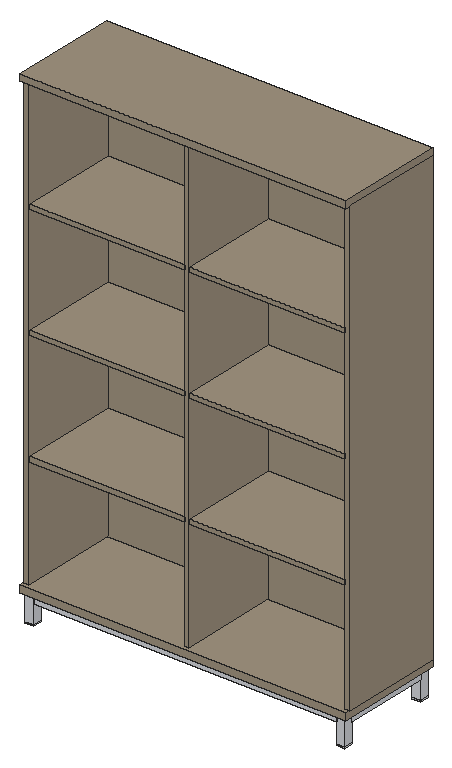
Revit family "Open Fronted Modular Storage With Wooden Door Options", category Furniture, Revit 2020 (continued)
Definition of nested family "Hinged Locking Wooden Doors - HD2 - Level 3"
  Definition of nested family "Handle Type B-1"
    Forms (mm)
      Extrusion 11, void
        sketch origin (832.923, -128.373, 994.578) x (0, 1, 0) y (-1, 0, 0)
          loop
            line (71.667, 873.923) -> (71.667, 872.291) -> (102.35, 872.291) -> (102.35, 873.923) -> (71.667, 873.923)
        from -6 to 6
      Extrusion 12, void
        sketch origin (-867.923, -128.373, 994.578) x (0, 1, 0) y (-1, 0, 0)
          loop
            line (71.667, -873.923) -> (97.075, -873.923) -> (97.075, -872.291) -> (71.667, -872.291) -> (71.667, -873.923)
        from -6 to 6
      Extrusion 13, void
        sketch origin (-862.923, -128.373, 994.578) x (0, 1, 0) y (-1, 0, 0)
          loop
            line (71.667, -873.923) -> (98.373, -873.923) -> (98.373, -872.291) -> (71.667, -872.291) -> (71.667, -873.923)
        from -6 to 6
      Extrusion 14, void
        sketch origin (-857.923, -128.373, 994.578) x (0, 1, 0) y (-1, 0, 0)
          loop
            line (71.667, -873.923) -> (98.373, -873.923) -> (98.373, -872.291) -> (71.667, -872.291) -> (71.667, -873.923)
        from -6 to 6
      Extrusion 15, void
        sketch origin (-852.923, -128.373, 994.578) x (0, 1, 0) y (-1, 0, 0)
          loop
            line (71.667, -873.923) -> (98.842, -873.923) -> (98.842, -872.291) -> (71.667, -872.291) -> (71.667, -873.923)
        from -6 to 6
      Extrusion 16, void
        sketch origin (-847.923, -128.373, 994.578) x (0, 1, 0) y (-1, 0, 0)
          loop
            line (71.667, -873.923) -> (99.385, -873.923) -> (99.385, -872.291) -> (71.667, -872.291) -> (71.667, -873.923)
        from -6 to 6
      Extrusion 17, void
        sketch origin (-842.923, -128.373, 994.578) x (0, 1, 0) y (-1, 0, 0)
          loop
            line (71.667, -873.923) -> (100.2, -873.923) -> (100.2, -872.291) -> (71.667, -872.291) -> (71.667, -873.923)
        from -6 to 6
      Extrusion 18, void
        sketch origin (-837.923, -128.373, 994.578) x (0, 1, 0) y (-1, 0, 0)
          loop
            line (71.667, -873.923) -> (100.984, -873.923) -> (100.984, -872.291) -> (71.667, -872.291) -> (71.667, -873.923)
        from -6 to 6
      Extrusion 19, void
        sketch origin (-832.923, -128.373, 994.578) x (0, 1, 0) y (-1, 0, 0)
          loop
            line (71.667, -873.923) -> (102.35, -873.923) -> (102.35, -872.291) -> (71.667, -872.291) -> (71.667, -873.923)
        from -6 to 6
    Cuts and joins
      Extrusion 1, Extrusion 4, Extrusion 5, Extrusion 6, Extrusion 7, Extrusion 8, Extrusion 9, Extrusion 10, Extrusion 11, Extrusion 12, Extrusion 13, Extrusion 14, Extrusion 15, Extrusion 16, Extrusion 17, Extrusion 18, Extrusion 19 cuts Sweep 3
    Lines and regions (mm)
      model lines, not visible, detail levels coarse+medium
        curve 1: line (75, 0, 999.578) -> (75, 0, 989.578)
      model lines, not visible
        curve 2: line (-75, 0, 999.578) -> (-75, 0, 989.578)
        curve 4: line (0, 0, 994.578) -> (0, -30, 994.578)
        curve 6: line (0, 0, 999.578) -> (0, 0, 989.578)
      model lines
        curve 3: line (-75, 0, 994.578) -> (75, 0, 994.578)
      sketch lines
        curve 5: arc (-85, -5, 994.578) -> (0, -30, 994.578) -> (85, -5, 994.578) r 157
    Dimensions and locks
      equal spacing: plane 4, plane 3 "Center (Left/Right)", plane 5
      locked: plane 4 to plane 5 at 950
      equal spacing: plane 6, plane 1 "Center (Front/Back)", plane 7
      locked: plane 6 to plane 7 at 520
      aligned and locked: level to plane 2
    Automatic sketch dimensions
      curve 4 to curve 4 = 30 mm
      curve 6 to plane 3 "Center (Left/Right)" = 0 mm
      plane 3 "Center (Left/Right)" to curve 1 = 75 mm
      level to curve 1 = 989.578 mm
      curve 3 to plane 3 "Center (Left/Right)" = 75 mm
      curve 2 to curve 1 = 0 mm
      curve 6 to curve 1 = 0 mm
      curve 2 to curve 3 = 5 mm
      curve 6 to curve 6 = 10 mm
      curve 3 to curve 2 = 5 mm
      curve 3 to curve 1 = 5 mm
      plane 3 "Center (Left/Right)" to Extrusion 1 sketch curve = 0.632 mm
      plane 1 "Center (Front/Back)" to Extrusion 1 sketch curve = 56.707 mm
      Extrusion 1 sketch curve to Extrusion 1 sketch curve = 25.409 mm
      Extrusion 1 sketch curve to plane 3 "Center (Left/Right)" = 1 mm
      plane 3 "Center (Left/Right)" to Extrusion 2 sketch curve = 75 mm
      level to Extrusion 2 sketch curve = 994.578 mm
      Extrusion 2 sketch curve to plane 3 "Center (Left/Right)" = 75 mm
      Extrusion 2 sketch curve to Extrusion 2 sketch curve = 0 mm
      Sweep 3 sketch curve to profile plane = 0 mm  (x2)
      Sweep 3 sketch curve to Sweep 3 sketch curve = 7.5 mm
      Extrusion 4 sketch curve to plane 3 "Center (Left/Right)" = 4.368 mm
      plane 1 "Center (Front/Back)" to Extrusion 4 sketch curve = 56.707 mm
      Extrusion 4 sketch curve to Extrusion 4 sketch curve = 25.409 mm
      Extrusion 4 sketch curve to Extrusion 4 sketch curve = 1.632 mm
      Extrusion 5 sketch curve to plane 3 "Center (Left/Right)" = 9.368 mm
      plane 1 "Center (Front/Back)" to Extrusion 5 sketch curve = 56.707 mm
      Extrusion 5 sketch curve to Extrusion 5 sketch curve = 26.707 mm
      Extrusion 5 sketch curve to Extrusion 5 sketch curve = 1.632 mm
      Extrusion 6 sketch curve to plane 3 "Center (Left/Right)" = 14.368 mm
      plane 1 "Center (Front/Back)" to Extrusion 6 sketch curve = 56.707 mm
      Extrusion 6 sketch curve to Extrusion 6 sketch curve = 26.707 mm
      Extrusion 6 sketch curve to Extrusion 6 sketch curve = 1.632 mm
      Extrusion 7 sketch curve to plane 3 "Center (Left/Right)" = 19.368 mm
      plane 1 "Center (Front/Back)" to Extrusion 7 sketch curve = 56.707 mm
      Extrusion 7 sketch curve to Extrusion 7 sketch curve = 27.176 mm
      Extrusion 7 sketch curve to Extrusion 7 sketch curve = 1.632 mm
      Extrusion 8 sketch curve to plane 3 "Center (Left/Right)" = 24.368 mm
      plane 1 "Center (Front/Back)" to Extrusion 8 sketch curve = 56.707 mm
      Extrusion 8 sketch curve to Extrusion 8 sketch curve = 27.719 mm
      Extrusion 8 sketch curve to Extrusion 8 sketch curve = 1.632 mm
      plane 1 "Center (Front/Back)" to Extrusion 9 sketch curve = 56.707 mm
      plane 1 "Center (Front/Back)" to Extrusion 9 sketch curve = 28.173 mm
      Extrusion 9 sketch curve to plane 3 "Center (Left/Right)" = 29.368 mm
      Extrusion 9 sketch curve to Extrusion 9 sketch curve = 1.632 mm
      plane 1 "Center (Front/Back)" to Extrusion 10 sketch curve = 56.707 mm
      plane 1 "Center (Front/Back)" to Extrusion 10 sketch curve = 27.389 mm
      Extrusion 10 sketch curve to plane 3 "Center (Left/Right)" = 34.368 mm
      Extrusion 10 sketch curve to Extrusion 10 sketch curve = 1.632 mm
      plane 1 "Center (Front/Back)" to Extrusion 11 sketch curve = 56.707 mm
      plane 1 "Center (Front/Back)" to Extrusion 11 sketch curve = 26.024 mm
      Extrusion 11 sketch curve to plane 3 "Center (Left/Right)" = 39.368 mm
      Extrusion 11 sketch curve to Extrusion 11 sketch curve = 1.632 mm
      plane 3 "Center (Left/Right)" to Extrusion 12 sketch curve = 4.368 mm
      plane 1 "Center (Front/Back)" to Extrusion 12 sketch curve = 56.707 mm
      Extrusion 12 sketch curve to Extrusion 12 sketch curve = 25.409 mm
      Extrusion 12 sketch curve to Extrusion 12 sketch curve = 1.632 mm
      plane 3 "Center (Left/Right)" to Extrusion 13 sketch curve = 9.368 mm
      plane 1 "Center (Front/Back)" to Extrusion 13 sketch curve = 56.707 mm
      Extrusion 13 sketch curve to Extrusion 13 sketch curve = 26.707 mm
      Extrusion 13 sketch curve to Extrusion 13 sketch curve = 1.632 mm
      plane 3 "Center (Left/Right)" to Extrusion 14 sketch curve = 14.368 mm
      plane 1 "Center (Front/Back)" to Extrusion 14 sketch curve = 56.707 mm
      Extrusion 14 sketch curve to Extrusion 14 sketch curve = 26.707 mm
      Extrusion 14 sketch curve to Extrusion 14 sketch curve = 1.632 mm
      plane 3 "Center (Left/Right)" to Extrusion 15 sketch curve = 19.368 mm
      plane 1 "Center (Front/Back)" to Extrusion 15 sketch curve = 56.707 mm
      Extrusion 15 sketch curve to Extrusion 15 sketch curve = 27.176 mm
      Extrusion 15 sketch curve to Extrusion 15 sketch curve = 1.632 mm
      plane 3 "Center (Left/Right)" to Extrusion 16 sketch curve = 24.368 mm
      plane 1 "Center (Front/Back)" to Extrusion 16 sketch curve = 56.707 mm
      Extrusion 16 sketch curve to Extrusion 16 sketch curve = 27.719 mm
      Extrusion 16 sketch curve to Extrusion 16 sketch curve = 1.632 mm
      plane 1 "Center (Front/Back)" to Extrusion 17 sketch curve = 56.707 mm
      plane 1 "Center (Front/Back)" to Extrusion 17 sketch curve = 28.173 mm
      plane 3 "Center (Left/Right)" to Extrusion 17 sketch curve = 31 mm
      Extrusion 17 sketch curve to Extrusion 17 sketch curve = 1.632 mm
      plane 1 "Center (Front/Back)" to Extrusion 18 sketch curve = 56.707 mm
      plane 1 "Center (Front/Back)" to Extrusion 18 sketch curve = 27.389 mm
      plane 3 "Center (Left/Right)" to Extrusion 18 sketch curve = 36 mm
      Extrusion 18 sketch curve to Extrusion 18 sketch curve = 1.632 mm
      plane 1 "Center (Front/Back)" to Extrusion 19 sketch curve = 56.707 mm
      plane 1 "Center (Front/Back)" to Extrusion 19 sketch curve = 26.024 mm
      plane 3 "Center (Left/Right)" to Extrusion 19 sketch curve = 41 mm
      Extrusion 19 sketch curve to Extrusion 19 sketch curve = 1.632 mm
      curve 4 to plane 1 "Center (Front/Back)" = 0 mm
      level to curve 4 = 994.578 mm
      radius of Extrusion 2 sketch curve = 4 mm  (x2)
  Definition of nested family "Handle Type D-1"
    Parameters (values of type "Handle Type D-1")
      URL = "www.gof.co.uk"
      Type Comments = ""
      Range = "STORAGE"
      Handle Type D = none
      Product Code = "Handle Type D"
      Model = ""
      Manufacturer = "Gresham Office Furniture"  # constant formula
      Default Elevation = 0 mm
      Assembly Code = "E2020200"
    Reference planes
      plane 1 "Center (Front/Back)": y = 0
      plane 2: z = 0
      plane 3 "Center (Left/Right)": x = 0
      plane 4: x = -475
      plane 5: x = 475
      plane 6: y = 260
      plane 7: y = -260
    Forms (mm)
      Extrusion 1, solid
        sketch origin (994.578, 0, 994.578) x (0, 0, 1) y (0, 1, 0)
          loop
            line (5, 0) -> (-5, 0) -> (-5, -6.91)
            arc (-5, -6.91) -> (-7.006, -15.176) -> (0, -20) r 7.5
            arc (0, -20) -> (7.006, -15.176) -> (5, -6.91) r 7.5
            line (5, -6.91) -> (5, 0)
        from 919.578 to 1069.578
    Lines and regions (mm)
      model lines, not visible, detail levels coarse+medium
        curve 1: line (75, 0, 999.578) -> (75, 0, 989.578)
        curve 2: line (-75, 0, 999.578) -> (-75, 0, 989.578)
      model lines, detail levels coarse+medium
        curve 3: line (-75, 0, 994.578) -> (75, 0, 994.578)
      model lines, not visible
        curve 4: line (0, 0, 999.578) -> (0, 0, 989.578)
    Dimensions and locks
      aligned and locked: level to plane 2
Definition of nested family "Hinged Locking Wooden Doors - HD2 - Level 1"
  Parameters (values of type "Hinged Locking Wooden Doors - HD2 - Level 1")
    Width = 1200 mm
    URL = "www.gof.co.uk"
    Range = "STORAGE"
    Product Data Specification = ""
    Product Code = "HD2"
    Product Brochure = ""
    Model = "BOOKCASE"
    Manufacturer = "Gresham Office Furniture"  # constant formula
    Height = 1816 mm
    Handle Type D [instance] = no
    Handle Type C [instance] = yes
    Handle Type B [instance] = no
    HD2 - Lock = yes
    Doors = none
    Depth = 400 mm
    Default Elevation = 0 mm
  Reference planes
    plane 1 "Center (Front/Back)": y = 0
    plane 2: z = 0
    plane 3 "Center (Left/Right)": x = 0
    plane 4: x = -600
    plane 5: x = 600
    plane 6: y = 200
    plane 7 "Front": y = -200
    plane 8 "Storage Top": z = 1816
    plane 9: z = 1803.5
    plane 10 "Door Front": y = -182
    plane 11: z = 112.5
    plane 12: z = 1791
    plane 13: z = 1400
    plane 14: z = 984
    plane 15: z = 959
    plane 16: z = 1375
    plane 17: z = 125
    plane 18: z = 100
  Forms (mm)
    Extrusion 1, solid, material <- "Doors", visible <- "HD2 - Lock"
      sketch origin (-839.743, -182, 1119.4) x (1, 0, 0) y (0, 0, 1)
        loop
          line (840.743, -990.4) -> (1439.743, -990.4) -> (1439.743, -163.4) -> (840.743, -163.4) -> (840.743, -990.4)
      from 0 to 18
    Extrusion 2, solid, visible <- "HD2 - Lock"
      sketch origin (0, 0, 415.5) x (-1, 0, 0) y (0, 0, -1)
        loop
          circle (-43, -457) r 10
      from 200 to 202
    Extrusion 3, solid, material <- "Doors", visible <- "HD2 - Lock"
      sketch origin (839.743, -182, 1119.4) x (-1, 0, 0) y (0, 0, -1)
        loop
          line (840.743, 163.4) -> (1439.743, 163.4) -> (1439.743, 990.4) -> (840.743, 990.4) -> (840.743, 163.4)
      from 0 to 18
    Extrusion 4, solid, visible <- "HD2 - Lock"
      sketch origin (0, 0, 415.5) x (1, 0, 0) y (0, 0, 1)
        loop
          circle (-43, 457) r 10
      from 200 to 202
  Dimensions and locks
    equal spacing: plane 4, plane 3 "Center (Left/Right)", plane 5
    "Width": plane 4 to plane 5
    equal spacing: plane 6, plane 1 "Center (Front/Back)", plane 7 "Front"
    "Depth": plane 6 to plane 7 "Front"
    "Height": plane 8 "Storage Top" to plane 2
    locked: plane 8 "Storage Top" to plane 9 at 12.5
    locked: plane 10 "Door Front" to plane 7 "Front" at 18
    locked: plane 11 to level at 112.5
    locked: plane 8 "Storage Top" to plane 12 at 25
    plane 12 to plane 11 = 1678.5 mm  (x2)
    locked: plane 13 to level at 1400
    locked: plane 14 to level at 984
    locked: plane 14 to plane 15 at 25
    locked: plane 13 to plane 16 at 25
    locked: plane 17 to plane 18 at 25
    Extrusion 1 to Extrusion 1 = 827 mm
    locked: Extrusion 1 to Extrusion 1 at 18
    locked: Extrusion 1 to nested 2 at 99
    locked: Extrusion 1 to nested 2 at 83.5
    locked: Extrusion 1 to nested 1 at 99
    locked: Extrusion 1 to nested 1 at 83.5
    locked: Extrusion 1 to nested 3 at 83.5
    locked: Extrusion 1 to nested 3 at 99
    locked: Extrusion 3 to Extrusion 3 at 18
    locked: Extrusion 3 to nested 6 at 99
    locked: Extrusion 3 to nested 6 at 83.5
    locked: Extrusion 3 to nested 4 at 99
    locked: Extrusion 3 to nested 4 at 83.5
    locked: Extrusion 3 to nested 5 at 83.5
    locked: Extrusion 3 to nested 5 at 99
    locked: Extrusion 1 sketch curve to plane 17 at 4
    aligned and locked: level to plane 2
    aligned and locked: Extrusion 2 sketch curve to nested 1
    aligned and locked: nested 6 to Extrusion 4 sketch curve
    aligned and locked: Extrusion 3 sketch curve to Extrusion 1
  Automatic sketch dimensions
    plane 5 to Extrusion 1 sketch curve = 0 mm
    plane 3 "Center (Left/Right)" to Extrusion 1 sketch curve = 1 mm
    Extrusion 1 sketch curve to plane 15 = 3 mm
    Extrusion 2 sketch curve to plane 3 "Center (Left/Right)" = 43 mm
    Extrusion 4 sketch curve to plane 3 "Center (Left/Right)" = 43 mm
    Extrusion 3 sketch curve to plane 4 = 0 mm
    Extrusion 3 sketch curve to plane 15 = 3 mm
    Extrusion 3 sketch curve to plane 3 "Center (Left/Right)" = 1 mm
    radius of Extrusion 2 sketch curve = 10 mm
    radius of Extrusion 4 sketch curve = 10 mm
  Nested families
    nested 1: "Handle Type C-1" at (175, -200, -108.638) x (-1, 0, 0) z (0, 0, 1), visible <- "Handle Type C", type "Handle Type C-1"
    nested 2: "Handle Type B-1" at (175, -200, -122.078) x (-1, 0, 0) z (0, 0, 1), visible <- "Handle Type B", type "Handle Type B-1"
    nested 3: "Handle Type D-1" at (175, -200, -122.078) x (-1, 0, 0) z (0, 0, 1), visible <- "Handle Type D", type "Handle Type D-1"
    nested 4: "Handle Type C-1" at (-175, -200, -108.638), visible <- "Handle Type C", type "Handle Type C-1"
    nested 5: "Handle Type B-1" at (-175, -200, -122.078), visible <- "Handle Type B", type "Handle Type B-1"
    nested 6: "Handle Type D-1" at (-175, -200, -122.078), visible <- "Handle Type D", type "Handle Type D-1"
  Definition of nested family "Handle Type C-1"
    Parameters (values of type "Handle Type C-1")
      URL = "www.gof.co.uk"
      Type Comments = ""
      Range = "STORAGE"
      Handle Type C = none
      Product Code = "Handle Type C"
      Model = ""
      Manufacturer = "Gresham Office Furniture"  # constant formula
      Default Elevation = 0 mm
      Assembly Code = "E2020200"
    Reference planes
      plane 1 "Center (Front/Back)": y = 0
      plane 2: z = 0
      plane 3 "Center (Left/Right)": x = 0
      plane 4: x = -475
      plane 5: x = 475
      plane 6 "Storage Top": z = 2007
      plane 7: y = 260
      plane 8: y = -260
    Forms (mm)
      Extrusion 1, void
        sketch origin (981.138, 0, 981.138) x (0, 1, 0) y (-1, 0, 0)
          loop
            line (0, 1072) -> (0, 884.5) -> (27.401, 884.5) -> (27.401, 1072) -> (0, 1072)
        from -12.204 to 11.22
      Sweep 2, solid, material <- "Handle Type C"
        path in 3D
          loop
            arc (-78.75, 3.75, 981.138) -> (0, -30, 981.138) -> (78.75, 3.75, 981.138) r 108.75
        profile origin (0, -30, 981.138) x (0, 1, 0) y (0, 0, 1)
          loop
            circle (0, 0) r 5
    Cuts and joins
      Extrusion 1 cuts Sweep 2
    Lines and regions (mm)
      model lines, detail levels coarse+medium
        curve 1: line (68, 0, 981.138) -> (-68, 0, 981.138)
      model lines, not visible, detail levels coarse+medium
        curve 2: line (0, 0, 986.138) -> (0, 0, 976.138)
      model lines, not visible
        curve 3: line (0, 0, 981.138) -> (0, -30, 981.138)
        curve 5: line (-75, 0, 976.138) -> (-75, 0, 986.138)
        curve 6: line (75, 0, 986.138) -> (75, 0, 976.138)
      sketch lines
        curve 4: arc (-78.75, 3.75, 981.138) -> (0, -30, 981.138) -> (78.75, 3.75, 981.138) r 108.75
    Dimensions and locks
      equal spacing: plane 4, plane 3 "Center (Left/Right)", plane 5
      locked: plane 4 to plane 5 at 950
      equal spacing: plane 7, plane 1 "Center (Front/Back)", plane 8
      locked: plane 7 to plane 8 at 520
      aligned and locked: level to plane 2
    Automatic sketch dimensions
      curve 3 to plane 1 "Center (Front/Back)" = 0 mm
      plane 1 "Center (Front/Back)" to curve 3 = 30 mm
      curve 2 to plane 3 "Center (Left/Right)" = 0 mm
      level to curve 2 = 976.138 mm
      curve 1 to plane 3 "Center (Left/Right)" = 68 mm
      curve 5 to curve 1 = 7 mm
      plane 3 "Center (Left/Right)" to curve 1 = 68 mm
      curve 1 to curve 6 = 7 mm
      curve 6 to curve 2 = 0 mm
      curve 5 to curve 2 = 0 mm
      curve 5 to curve 1 = 5 mm
      curve 1 to curve 6 = 5 mm
      curve 1 to curve 5 = 5 mm
      curve 2 to curve 2 = 10 mm
      plane 1 "Center (Front/Back)" to Extrusion 1 sketch curve = 0 mm
      Extrusion 1 sketch curve to plane 1 "Center (Front/Back)" = 27.401 mm
      plane 3 "Center (Left/Right)" to Extrusion 1 sketch curve = 96.638 mm
      Extrusion 1 sketch curve to plane 3 "Center (Left/Right)" = 90.862 mm
      Sweep 2 sketch curve to profile plane = 0 mm  (x2)
      level to curve 3 = 981.138 mm
      radius of Sweep 2 sketch curve = 5 mm
  Definition of nested family "Handle Type B-1"
    Parameters (values of type "Handle Type B-1")
      URL = "www.gof.co.uk"
      Type Comments = ""
      Range = "STORAGE"
      Handle Type B = none
      Product Code = "Handle Type B"
      Model = ""
      Manufacturer = "Gresham Office Furniture"  # constant formula
      Default Elevation = 0 mm
      Assembly Code = "E2020200"
    Reference planes
      plane 1 "Center (Front/Back)": y = 0
      plane 2: z = 0
      plane 3 "Center (Left/Right)": x = 0
      plane 4: x = -475
      plane 5: x = 475
      plane 6: y = 260
      plane 7: y = -260
    Forms (mm)
      Extrusion 1, void
        sketch origin (872.923, -128.373, 994.578) x (0, 1, 0) y (-1, 0, 0)
          loop
            line (71.667, 873.923) -> (71.667, 872.291) -> (97.075, 872.291) -> (97.075, 873.923) -> (71.667, 873.923)
        from -6 to 6
      Extrusion 2, solid
        sketch origin (988.138, 0, 994.578) x (0, 0, 1) y (-1, 0, 0)
          loop
            circle (0, 1063.138) r 4
          loop
            circle (0, 913.138) r 4
        from 0 to 10.354
      Sweep 3, solid
        path in 3D
          loop
            arc (-85, -5, 994.578) -> (0, -30, 994.578) -> (85, -5, 994.578) r 157
        profile origin (0, -30, 994.578) x (0, 1, 0) y (0, 0, 1)
          loop
            spline (0, 7.5) -> (-0.776, 7.244) -> (-1.5, 6.495) -> (-2.121, 5.303) -> (-2.598, 3.75) -> (-2.898, 1.941) -> (-3, 0) -> (-2.898, -1.941) -> (-2.598, -3.75) -> (-2.121, -5.303) -> (-1.5, -6.495) -> (-0.776, -7.244) -> (0, -7.5)
            spline (0, -7.5) -> (0.776, -7.244) -> (1.5, -6.495) -> (2.121, -5.303) -> (2.598, -3.75) -> (2.898, -1.941) -> (3, 0) -> (2.898, 1.941) -> (2.598, 3.75) -> (2.121, 5.303) -> (1.5, 6.495) -> (0.776, 7.244) -> (0, 7.5)
      Extrusion 4, void
        sketch origin (867.923, -128.373, 994.578) x (0, 1, 0) y (-1, 0, 0)
          loop
            line (71.667, 873.923) -> (71.667, 872.291) -> (97.075, 872.291) -> (97.075, 873.923) -> (71.667, 873.923)
        from -6 to 6
      Extrusion 5, void
        sketch origin (862.923, -128.373, 994.578) x (0, 1, 0) y (-1, 0, 0)
          loop
            line (71.667, 873.923) -> (71.667, 872.291) -> (98.373, 872.291) -> (98.373, 873.923) -> (71.667, 873.923)
        from -6 to 6
      Extrusion 6, void
        sketch origin (857.923, -128.373, 994.578) x (0, 1, 0) y (-1, 0, 0)
          loop
            line (71.667, 873.923) -> (71.667, 872.291) -> (98.373, 872.291) -> (98.373, 873.923) -> (71.667, 873.923)
        from -6 to 6
      Extrusion 7, void
        sketch origin (852.923, -128.373, 994.578) x (0, 1, 0) y (-1, 0, 0)
          loop
            line (71.667, 873.923) -> (71.667, 872.291) -> (98.842, 872.291) -> (98.842, 873.923) -> (71.667, 873.923)
        from -6 to 6
      Extrusion 8, void
        sketch origin (847.923, -128.373, 994.578) x (0, 1, 0) y (-1, 0, 0)
          loop
            line (71.667, 873.923) -> (71.667, 872.291) -> (99.385, 872.291) -> (99.385, 873.923) -> (71.667, 873.923)
        from -6 to 6
      Extrusion 9, void
        sketch origin (842.923, -128.373, 994.578) x (0, 1, 0) y (-1, 0, 0)
          loop
            line (71.667, 873.923) -> (71.667, 872.291) -> (100.2, 872.291) -> (100.2, 873.923) -> (71.667, 873.923)
        from -6 to 6
      Extrusion 10, void
        sketch origin (837.923, -128.373, 994.578) x (0, 1, 0) y (-1, 0, 0)
          loop
            line (71.667, 873.923) -> (71.667, 872.291) -> (100.984, 872.291) -> (100.984, 873.923) -> (71.667, 873.923)
        from -6 to 6
      Extrusion 11, void
        sketch origin (832.923, -128.373, 994.578) x (0, 1, 0) y (-1, 0, 0)
          loop
            line (71.667, 873.923) -> (71.667, 872.291) -> (102.35, 872.291) -> (102.35, 873.923) -> (71.667, 873.923)
        from -6 to 6
      Extrusion 12, void
        sketch origin (-867.923, -128.373, 994.578) x (0, 1, 0) y (-1, 0, 0)
          loop
            line (71.667, -873.923) -> (97.075, -873.923) -> (97.075, -872.291) -> (71.667, -872.291) -> (71.667, -873.923)
        from -6 to 6
      Extrusion 13, void
        sketch origin (-862.923, -128.373, 994.578) x (0, 1, 0) y (-1, 0, 0)
          loop
            line (71.667, -873.923) -> (98.373, -873.923) -> (98.373, -872.291) -> (71.667, -872.291) -> (71.667, -873.923)
        from -6 to 6
      Extrusion 14, void
        sketch origin (-857.923, -128.373, 994.578) x (0, 1, 0) y (-1, 0, 0)
          loop
            line (71.667, -873.923) -> (98.373, -873.923) -> (98.373, -872.291) -> (71.667, -872.291) -> (71.667, -873.923)
        from -6 to 6
      Extrusion 15, void
        sketch origin (-852.923, -128.373, 994.578) x (0, 1, 0) y (-1, 0, 0)
          loop
            line (71.667, -873.923) -> (98.842, -873.923) -> (98.842, -872.291) -> (71.667, -872.291) -> (71.667, -873.923)
        from -6 to 6
      Extrusion 16, void
        sketch origin (-847.923, -128.373, 994.578) x (0, 1, 0) y (-1, 0, 0)
          loop
            line (71.667, -873.923) -> (99.385, -873.923) -> (99.385, -872.291) -> (71.667, -872.291) -> (71.667, -873.923)
        from -6 to 6
      Extrusion 17, void
        sketch origin (-842.923, -128.373, 994.578) x (0, 1, 0) y (-1, 0, 0)
          loop
            line (71.667, -873.923) -> (100.2, -873.923) -> (100.2, -872.291) -> (71.667, -872.291) -> (71.667, -873.923)
        from -6 to 6
      Extrusion 18, void
        sketch origin (-837.923, -128.373, 994.578) x (0, 1, 0) y (-1, 0, 0)
          loop
            line (71.667, -873.923) -> (100.984, -873.923) -> (100.984, -872.291) -> (71.667, -872.291) -> (71.667, -873.923)
        from -6 to 6
      Extrusion 19, void
        sketch origin (-832.923, -128.373, 994.578) x (0, 1, 0) y (-1, 0, 0)
          loop
            line (71.667, -873.923) -> (102.35, -873.923) -> (102.35, -872.291) -> (71.667, -872.291) -> (71.667, -873.923)
        from -6 to 6
    Cuts and joins
      Extrusion 1, Extrusion 4, Extrusion 5, Extrusion 6, Extrusion 7, Extrusion 8, Extrusion 9, Extrusion 10, Extrusion 11, Extrusion 12, Extrusion 13, Extrusion 14, Extrusion 15, Extrusion 16, Extrusion 17, Extrusion 18, Extrusion 19 cuts Sweep 3
    Lines and regions (mm)
      model lines, not visible, detail levels coarse+medium
        curve 1: line (75, 0, 999.578) -> (75, 0, 989.578)
      model lines, not visible
        curve 2: line (-75, 0, 999.578) -> (-75, 0, 989.578)
        curve 4: line (0, 0, 994.578) -> (0, -30, 994.578)
        curve 6: line (0, 0, 999.578) -> (0, 0, 989.578)
      model lines
        curve 3: line (-75, 0, 994.578) -> (75, 0, 994.578)
      sketch lines
        curve 5: arc (-85, -5, 994.578) -> (0, -30, 994.578) -> (85, -5, 994.578) r 157
    Dimensions and locks
      equal spacing: plane 4, plane 3 "Center (Left/Right)", plane 5
      locked: plane 4 to plane 5 at 950
      equal spacing: plane 6, plane 1 "Center (Front/Back)", plane 7
      locked: plane 6 to plane 7 at 520
      aligned and locked: level to plane 2
    Automatic sketch dimensions
      curve 4 to curve 4 = 30 mm
      curve 6 to plane 3 "Center (Left/Right)" = 0 mm
      plane 3 "Center (Left/Right)" to curve 1 = 75 mm
      level to curve 1 = 989.578 mm
      curve 3 to plane 3 "Center (Left/Right)" = 75 mm
      curve 2 to curve 1 = 0 mm
      curve 6 to curve 1 = 0 mm
      curve 2 to curve 3 = 5 mm
      curve 6 to curve 6 = 10 mm
      curve 3 to curve 2 = 5 mm
      curve 3 to curve 1 = 5 mm
      plane 3 "Center (Left/Right)" to Extrusion 1 sketch curve = 0.632 mm
      plane 1 "Center (Front/Back)" to Extrusion 1 sketch curve = 56.707 mm
      Extrusion 1 sketch curve to Extrusion 1 sketch curve = 25.409 mm
      Extrusion 1 sketch curve to plane 3 "Center (Left/Right)" = 1 mm
      plane 3 "Center (Left/Right)" to Extrusion 2 sketch curve = 75 mm
      level to Extrusion 2 sketch curve = 994.578 mm
      Extrusion 2 sketch curve to plane 3 "Center (Left/Right)" = 75 mm
      Extrusion 2 sketch curve to Extrusion 2 sketch curve = 0 mm
      Sweep 3 sketch curve to profile plane = 0 mm  (x2)
      Sweep 3 sketch curve to Sweep 3 sketch curve = 7.5 mm
      Extrusion 4 sketch curve to plane 3 "Center (Left/Right)" = 4.368 mm
      plane 1 "Center (Front/Back)" to Extrusion 4 sketch curve = 56.707 mm
      Extrusion 4 sketch curve to Extrusion 4 sketch curve = 25.409 mm
      Extrusion 4 sketch curve to Extrusion 4 sketch curve = 1.632 mm
      Extrusion 5 sketch curve to plane 3 "Center (Left/Right)" = 9.368 mm
      plane 1 "Center (Front/Back)" to Extrusion 5 sketch curve = 56.707 mm
      Extrusion 5 sketch curve to Extrusion 5 sketch curve = 26.707 mm
      Extrusion 5 sketch curve to Extrusion 5 sketch curve = 1.632 mm
      Extrusion 6 sketch curve to plane 3 "Center (Left/Right)" = 14.368 mm
      plane 1 "Center (Front/Back)" to Extrusion 6 sketch curve = 56.707 mm
      Extrusion 6 sketch curve to Extrusion 6 sketch curve = 26.707 mm
      Extrusion 6 sketch curve to Extrusion 6 sketch curve = 1.632 mm
      Extrusion 7 sketch curve to plane 3 "Center (Left/Right)" = 19.368 mm
      plane 1 "Center (Front/Back)" to Extrusion 7 sketch curve = 56.707 mm
      Extrusion 7 sketch curve to Extrusion 7 sketch curve = 27.176 mm
      Extrusion 7 sketch curve to Extrusion 7 sketch curve = 1.632 mm
      Extrusion 8 sketch curve to plane 3 "Center (Left/Right)" = 24.368 mm
      plane 1 "Center (Front/Back)" to Extrusion 8 sketch curve = 56.707 mm
      Extrusion 8 sketch curve to Extrusion 8 sketch curve = 27.719 mm
      Extrusion 8 sketch curve to Extrusion 8 sketch curve = 1.632 mm
      plane 1 "Center (Front/Back)" to Extrusion 9 sketch curve = 56.707 mm
      plane 1 "Center (Front/Back)" to Extrusion 9 sketch curve = 28.173 mm
      Extrusion 9 sketch curve to plane 3 "Center (Left/Right)" = 29.368 mm
      Extrusion 9 sketch curve to Extrusion 9 sketch curve = 1.632 mm
      plane 1 "Center (Front/Back)" to Extrusion 10 sketch curve = 56.707 mm
      plane 1 "Center (Front/Back)" to Extrusion 10 sketch curve = 27.389 mm
      Extrusion 10 sketch curve to plane 3 "Center (Left/Right)" = 34.368 mm
      Extrusion 10 sketch curve to Extrusion 10 sketch curve = 1.632 mm
      plane 1 "Center (Front/Back)" to Extrusion 11 sketch curve = 56.707 mm
      plane 1 "Center (Front/Back)" to Extrusion 11 sketch curve = 26.024 mm
      Extrusion 11 sketch curve to plane 3 "Center (Left/Right)" = 39.368 mm
      Extrusion 11 sketch curve to Extrusion 11 sketch curve = 1.632 mm
      plane 3 "Center (Left/Right)" to Extrusion 12 sketch curve = 4.368 mm
      plane 1 "Center (Front/Back)" to Extrusion 12 sketch curve = 56.707 mm
      Extrusion 12 sketch curve to Extrusion 12 sketch curve = 25.409 mm
      Extrusion 12 sketch curve to Extrusion 12 sketch curve = 1.632 mm
      plane 3 "Center (Left/Right)" to Extrusion 13 sketch curve = 9.368 mm
      plane 1 "Center (Front/Back)" to Extrusion 13 sketch curve = 56.707 mm
      Extrusion 13 sketch curve to Extrusion 13 sketch curve = 26.707 mm
      Extrusion 13 sketch curve to Extrusion 13 sketch curve = 1.632 mm
      plane 3 "Center (Left/Right)" to Extrusion 14 sketch curve = 14.368 mm
      plane 1 "Center (Front/Back)" to Extrusion 14 sketch curve = 56.707 mm
      Extrusion 14 sketch curve to Extrusion 14 sketch curve = 26.707 mm
      Extrusion 14 sketch curve to Extrusion 14 sketch curve = 1.632 mm
      plane 3 "Center (Left/Right)" to Extrusion 15 sketch curve = 19.368 mm
      plane 1 "Center (Front/Back)" to Extrusion 15 sketch curve = 56.707 mm
      Extrusion 15 sketch curve to Extrusion 15 sketch curve = 27.176 mm
      Extrusion 15 sketch curve to Extrusion 15 sketch curve = 1.632 mm
      plane 3 "Center (Left/Right)" to Extrusion 16 sketch curve = 24.368 mm
      plane 1 "Center (Front/Back)" to Extrusion 16 sketch curve = 56.707 mm
      Extrusion 16 sketch curve to Extrusion 16 sketch curve = 27.719 mm
      Extrusion 16 sketch curve to Extrusion 16 sketch curve = 1.632 mm
      plane 1 "Center (Front/Back)" to Extrusion 17 sketch curve = 56.707 mm
      plane 1 "Center (Front/Back)" to Extrusion 17 sketch curve = 28.173 mm
      plane 3 "Center (Left/Right)" to Extrusion 17 sketch curve = 31 mm
      Extrusion 17 sketch curve to Extrusion 17 sketch curve = 1.632 mm
      plane 1 "Center (Front/Back)" to Extrusion 18 sketch curve = 56.707 mm
      plane 1 "Center (Front/Back)" to Extrusion 18 sketch curve = 27.389 mm
      plane 3 "Center (Left/Right)" to Extrusion 18 sketch curve = 36 mm
      Extrusion 18 sketch curve to Extrusion 18 sketch curve = 1.632 mm
      plane 1 "Center (Front/Back)" to Extrusion 19 sketch curve = 56.707 mm
      plane 1 "Center (Front/Back)" to Extrusion 19 sketch curve = 26.024 mm
      plane 3 "Center (Left/Right)" to Extrusion 19 sketch curve = 41 mm
      Extrusion 19 sketch curve to Extrusion 19 sketch curve = 1.632 mm
      curve 4 to plane 1 "Center (Front/Back)" = 0 mm
      level to curve 4 = 994.578 mm
      radius of Extrusion 2 sketch curve = 4 mm  (x2)
  Definition of nested family "Handle Type D-1"
    Parameters (values of type "Handle Type D-1")
      URL = "www.gof.co.uk"
      Type Comments = ""
      Range = "STORAGE"
      Handle Type D = none
      Product Code = "Handle Type D"
      Model = ""
      Manufacturer = "Gresham Office Furniture"  # constant formula
      Default Elevation = 0 mm
      Assembly Code = "E2020200"
    Reference planes
      plane 1 "Center (Front/Back)": y = 0
      plane 2: z = 0
      plane 3 "Center (Left/Right)": x = 0
      plane 4: x = -475
      plane 5: x = 475
      plane 6: y = 260
      plane 7: y = -260
    Forms (mm)
      Extrusion 1, solid
        sketch origin (994.578, 0, 994.578) x (0, 0, 1) y (0, 1, 0)
          loop
            line (5, 0) -> (-5, 0) -> (-5, -6.91)
            arc (-5, -6.91) -> (-7.006, -15.176) -> (0, -20) r 7.5
            arc (0, -20) -> (7.006, -15.176) -> (5, -6.91) r 7.5
            line (5, -6.91) -> (5, 0)
        from 919.578 to 1069.578
    Lines and regions (mm)
      model lines, not visible, detail levels coarse+medium
        curve 1: line (75, 0, 999.578) -> (75, 0, 989.578)
        curve 2: line (-75, 0, 999.578) -> (-75, 0, 989.578)
      model lines, detail levels coarse+medium
        curve 3: line (-75, 0, 994.578) -> (75, 0, 994.578)
      model lines, not visible
        curve 4: line (0, 0, 999.578) -> (0, 0, 989.578)
    Dimensions and locks
      aligned and locked: level to plane 2
Definition of nested family "Hinged Locking Wooden Doors - HD3 - Level 1"
  Parameters (values of type "Hinged Locking Wooden Doors - HD3 - Level 1")
    Width = 1200 mm
    URL = "www.gof.co.uk"
    Shelves = none
    Range = "STORAGE"
    Product Data Specification = ""
    Product Code = "HD3"
    Product Brochure = ""
    Model = "BOOKCASE"
    Manufacturer = "Gresham Office Furniture"  # constant formula
    Height = 1816 mm
    Handle Type D [instance] = no
    Handle Type C [instance] = yes
    Handle Type B [instance] = no
    HD4 - Lock = yes
    Doors = none
    Default Elevation = 0 mm
    Carcass = none
    Depth = 400 mm
  Reference planes
    plane 1 "Center (Front/Back)": y = 0
    plane 2: z = 0
    plane 3 "Center (Left/Right)": x = 0
    plane 4: x = -600
    plane 5: x = 600
    plane 6: y = 200
    plane 7 "Front": y = -200
    plane 8 "Storage Top": z = 1816
    plane 9: z = 1803.5
    plane 10 "Door Front": y = -182
    plane 11: z = 112.5
    plane 12: z = 1791
    plane 13: z = 1400
    plane 14: z = 984
    plane 15: z = 959
    plane 16: z = 1375
    plane 17: z = 125
    plane 18: z = 100
  Forms (mm)
    Extrusion 1, solid, material <- "Doors", visible <- "HD4 - Lock"
      sketch origin (-839.743, -182, 1534.9) x (1, 0, 0) y (0, 0, 1)
        loop
          line (840.743, -1405.9) -> (1439.743, -1405.9) -> (1439.743, -163.4) -> (840.743, -163.4) -> (840.743, -1405.9)
      from 0 to 18
    Extrusion 2, solid, visible <- "HD4 - Lock"
      sketch origin (0, 0, 831) x (-1, 0, 0) y (0, 0, -1)
        loop
          circle (-43, -212.5) r 10
      from 200 to 202
    Extrusion 3, solid, material <- "Doors", visible <- "HD4 - Lock"
      sketch origin (839.743, -182, 1534.9) x (-1, 0, 0) y (0, 0, -1)
        loop
          line (840.743, 1405.9) -> (840.743, 163.4) -> (1439.743, 163.4) -> (1439.743, 1405.9) -> (840.743, 1405.9)
      from 0 to 18
    Extrusion 4, solid, visible <- "HD4 - Lock"
      sketch origin (0, 0, 831) x (1, 0, 0) y (0, 0, 1)
        loop
          circle (-43, 212.5) r 10
      from 200 to 202
  Dimensions and locks
    equal spacing: plane 4, plane 3 "Center (Left/Right)", plane 5
    "Width": plane 4 to plane 5
    equal spacing: plane 6, plane 1 "Center (Front/Back)", plane 7 "Front"
    "Depth": plane 6 to plane 7 "Front"
    "Height": plane 8 "Storage Top" to plane 2
    locked: plane 8 "Storage Top" to plane 9 at 12.5
    locked: plane 10 "Door Front" to plane 7 "Front" at 18
    locked: plane 11 to level at 112.5
    locked: plane 8 "Storage Top" to plane 12 at 25
    plane 12 to plane 11 = 1678.5 mm  (x2)
    locked: plane 13 to level at 1400
    locked: plane 14 to level at 984
    locked: plane 14 to plane 15 at 25
    locked: plane 13 to plane 16 at 25
    locked: plane 17 to plane 18 at 25
    locked: Extrusion 1 to Extrusion 1 at 18
    locked: Extrusion 1 to nested 2 at 99
    locked: Extrusion 1 to nested 1 at 99
    locked: Extrusion 1 to nested 3 at 99
    locked: Extrusion 3 to Extrusion 3 at 18
    locked: Extrusion 3 to nested 6 at 99
    locked: Extrusion 3 to nested 4 at 99
    locked: Extrusion 3 to nested 5 at 99
    plane 16 to Extrusion 1 = 3.5 mm
    locked: Extrusion 1 sketch curve to plane 17 at 4
    aligned and locked: level to plane 2
    aligned and locked: nested 6 to Extrusion 4 sketch curve
    aligned and locked: Extrusion 3 to Extrusion 1
  Automatic sketch dimensions
    plane 5 to Extrusion 1 sketch curve = 0 mm
    plane 3 "Center (Left/Right)" to Extrusion 1 sketch curve = 1 mm
    plane 16 to Extrusion 1 sketch curve = 3.5 mm
    plane 3 "Center (Left/Right)" to Extrusion 2 sketch curve = 43 mm
    Extrusion 2 sketch curve to plane 14 = 59.5 mm
    Extrusion 3 sketch curve to plane 4 = 0 mm
    Extrusion 3 sketch curve to plane 3 "Center (Left/Right)" = 1 mm
    plane 16 to Extrusion 3 sketch curve = 3.5 mm
    Extrusion 3 sketch curve to plane 15 = 830 mm
    Extrusion 4 sketch curve to plane 3 "Center (Left/Right)" = 43 mm
    radius of Extrusion 2 sketch curve = 10 mm
    radius of Extrusion 4 sketch curve = 10 mm
  Nested families
    nested 1: "Handle Type C-1" at (175, -200, 62.362) x (-1, 0, 0) z (0, 0, 1), visible <- "Handle Type C", type "Handle Type C-1"
    nested 2: "Handle Type B-1" at (175, -200, 48.922) x (-1, 0, 0) z (0, 0, 1), visible <- "Handle Type B", type "Handle Type B-1"
    nested 3: "Handle Type D-1" at (175, -200, 48.922) x (-1, 0, 0) z (0, 0, 1), visible <- "Handle Type D", type "Handle Type D-1"
    nested 4: "Handle Type C-1" at (-175, -200, 62.362), visible <- "Handle Type C", type "Handle Type C-1"
    nested 5: "Handle Type B-1" at (-175, -200, 48.922), visible <- "Handle Type B", type "Handle Type B-1"
    nested 6: "Handle Type D-1" at (-175, -200, 48.922), visible <- "Handle Type D", type "Handle Type D-1"
  Definition of nested family "Handle Type C-1"
    Parameters (values of type "Handle Type C-1")
      URL = "www.gof.co.uk"
      Type Comments = ""
      Range = "STORAGE"
      Handle Type C = none
      Product Code = "Handle Type C"
      Model = ""
      Manufacturer = "Gresham Office Furniture"  # constant formula
      Default Elevation = 0 mm
      Assembly Code = "E2020200"
    Reference planes
      plane 1 "Center (Front/Back)": y = 0
      plane 2: z = 0
      plane 3 "Center (Left/Right)": x = 0
      plane 4: x = -475
      plane 5: x = 475
      plane 6 "Storage Top": z = 2007
      plane 7: y = 260
      plane 8: y = -260
    Forms (mm)
      Extrusion 1, void
        sketch origin (981.138, 0, 981.138) x (0, 1, 0) y (-1, 0, 0)
          loop
            line (0, 1072) -> (0, 884.5) -> (27.401, 884.5) -> (27.401, 1072) -> (0, 1072)
        from -12.204 to 11.22
      Sweep 2, solid, material <- "Handle Type C"
        path in 3D
          loop
            arc (-78.75, 3.75, 981.138) -> (0, -30, 981.138) -> (78.75, 3.75, 981.138) r 108.75
        profile origin (0, -30, 981.138) x (0, 1, 0) y (0, 0, 1)
          loop
            circle (0, 0) r 5
    Cuts and joins
      Extrusion 1 cuts Sweep 2
    Lines and regions (mm)
      model lines, detail levels coarse+medium
        curve 1: line (68, 0, 981.138) -> (-68, 0, 981.138)
      model lines, not visible, detail levels coarse+medium
        curve 2: line (0, 0, 986.138) -> (0, 0, 976.138)
      model lines, not visible
        curve 3: line (0, 0, 981.138) -> (0, -30, 981.138)
        curve 5: line (-75, 0, 976.138) -> (-75, 0, 986.138)
        curve 6: line (75, 0, 986.138) -> (75, 0, 976.138)
      sketch lines
        curve 4: arc (-78.75, 3.75, 981.138) -> (0, -30, 981.138) -> (78.75, 3.75, 981.138) r 108.75
    Dimensions and locks
      equal spacing: plane 4, plane 3 "Center (Left/Right)", plane 5
      locked: plane 4 to plane 5 at 950
      equal spacing: plane 7, plane 1 "Center (Front/Back)", plane 8
      locked: plane 7 to plane 8 at 520
      aligned and locked: level to plane 2
    Automatic sketch dimensions
      curve 3 to plane 1 "Center (Front/Back)" = 0 mm
      plane 1 "Center (Front/Back)" to curve 3 = 30 mm
      curve 2 to plane 3 "Center (Left/Right)" = 0 mm
      level to curve 2 = 976.138 mm
      curve 1 to plane 3 "Center (Left/Right)" = 68 mm
      curve 5 to curve 1 = 7 mm
      plane 3 "Center (Left/Right)" to curve 1 = 68 mm
      curve 1 to curve 6 = 7 mm
      curve 6 to curve 2 = 0 mm
      curve 5 to curve 2 = 0 mm
      curve 5 to curve 1 = 5 mm
      curve 1 to curve 6 = 5 mm
      curve 1 to curve 5 = 5 mm
      curve 2 to curve 2 = 10 mm
      plane 1 "Center (Front/Back)" to Extrusion 1 sketch curve = 0 mm
      Extrusion 1 sketch curve to plane 1 "Center (Front/Back)" = 27.401 mm
      plane 3 "Center (Left/Right)" to Extrusion 1 sketch curve = 96.638 mm
      Extrusion 1 sketch curve to plane 3 "Center (Left/Right)" = 90.862 mm
      Sweep 2 sketch curve to profile plane = 0 mm  (x2)
      level to curve 3 = 981.138 mm
      radius of Sweep 2 sketch curve = 5 mm
  Definition of nested family "Handle Type B-1"
    Parameters (values of type "Handle Type B-1")
      URL = "www.gof.co.uk"
      Type Comments = ""
      Range = "STORAGE"
      Handle Type B = none
      Product Code = "Handle Type B"
      Model = ""
      Manufacturer = "Gresham Office Furniture"  # constant formula
      Default Elevation = 0 mm
      Assembly Code = "E2020200"
    Reference planes
      plane 1 "Center (Front/Back)": y = 0
      plane 2: z = 0
      plane 3 "Center (Left/Right)": x = 0
      plane 4: x = -475
      plane 5: x = 475
      plane 6: y = 260
      plane 7: y = -260
    Forms (mm)
      Extrusion 1, void
        sketch origin (872.923, -128.373, 994.578) x (0, 1, 0) y (-1, 0, 0)
          loop
            line (71.667, 873.923) -> (71.667, 872.291) -> (97.075, 872.291) -> (97.075, 873.923) -> (71.667, 873.923)
        from -6 to 6
      Extrusion 2, solid
        sketch origin (988.138, 0, 994.578) x (0, 0, 1) y (-1, 0, 0)
          loop
            circle (0, 1063.138) r 4
          loop
            circle (0, 913.138) r 4
        from 0 to 10.354
      Sweep 3, solid
        path in 3D
          loop
            arc (-85, -5, 994.578) -> (0, -30, 994.578) -> (85, -5, 994.578) r 157
        profile origin (0, -30, 994.578) x (0, 1, 0) y (0, 0, 1)
          loop
            spline (0, 7.5) -> (-0.776, 7.244) -> (-1.5, 6.495) -> (-2.121, 5.303) -> (-2.598, 3.75) -> (-2.898, 1.941) -> (-3, 0) -> (-2.898, -1.941) -> (-2.598, -3.75) -> (-2.121, -5.303) -> (-1.5, -6.495) -> (-0.776, -7.244) -> (0, -7.5)
            spline (0, -7.5) -> (0.776, -7.244) -> (1.5, -6.495) -> (2.121, -5.303) -> (2.598, -3.75) -> (2.898, -1.941) -> (3, 0) -> (2.898, 1.941) -> (2.598, 3.75) -> (2.121, 5.303) -> (1.5, 6.495) -> (0.776, 7.244) -> (0, 7.5)
      Extrusion 4, void
        sketch origin (867.923, -128.373, 994.578) x (0, 1, 0) y (-1, 0, 0)
          loop
            line (71.667, 873.923) -> (71.667, 872.291) -> (97.075, 872.291) -> (97.075, 873.923) -> (71.667, 873.923)
        from -6 to 6
      Extrusion 5, void
        sketch origin (862.923, -128.373, 994.578) x (0, 1, 0) y (-1, 0, 0)
          loop
            line (71.667, 873.923) -> (71.667, 872.291) -> (98.373, 872.291) -> (98.373, 873.923) -> (71.667, 873.923)
        from -6 to 6
      Extrusion 6, void
        sketch origin (857.923, -128.373, 994.578) x (0, 1, 0) y (-1, 0, 0)
          loop
            line (71.667, 873.923) -> (71.667, 872.291) -> (98.373, 872.291) -> (98.373, 873.923) -> (71.667, 873.923)
        from -6 to 6
      Extrusion 7, void
        sketch origin (852.923, -128.373, 994.578) x (0, 1, 0) y (-1, 0, 0)
          loop
            line (71.667, 873.923) -> (71.667, 872.291) -> (98.842, 872.291) -> (98.842, 873.923) -> (71.667, 873.923)
        from -6 to 6
      Extrusion 8, void
        sketch origin (847.923, -128.373, 994.578) x (0, 1, 0) y (-1, 0, 0)
          loop
            line (71.667, 873.923) -> (71.667, 872.291) -> (99.385, 872.291) -> (99.385, 873.923) -> (71.667, 873.923)
        from -6 to 6
      Extrusion 9, void
        sketch origin (842.923, -128.373, 994.578) x (0, 1, 0) y (-1, 0, 0)
          loop
            line (71.667, 873.923) -> (71.667, 872.291) -> (100.2, 872.291) -> (100.2, 873.923) -> (71.667, 873.923)
        from -6 to 6
      Extrusion 10, void
        sketch origin (837.923, -128.373, 994.578) x (0, 1, 0) y (-1, 0, 0)
          loop
            line (71.667, 873.923) -> (71.667, 872.291) -> (100.984, 872.291) -> (100.984, 873.923) -> (71.667, 873.923)
        from -6 to 6
      Extrusion 11, void
        sketch origin (832.923, -128.373, 994.578) x (0, 1, 0) y (-1, 0, 0)
          loop
            line (71.667, 873.923) -> (71.667, 872.291) -> (102.35, 872.291) -> (102.35, 873.923) -> (71.667, 873.923)
        from -6 to 6
      Extrusion 12, void
        sketch origin (-867.923, -128.373, 994.578) x (0, 1, 0) y (-1, 0, 0)
          loop
            line (71.667, -873.923) -> (97.075, -873.923) -> (97.075, -872.291) -> (71.667, -872.291) -> (71.667, -873.923)
        from -6 to 6
      Extrusion 13, void
        sketch origin (-862.923, -128.373, 994.578) x (0, 1, 0) y (-1, 0, 0)
          loop
            line (71.667, -873.923) -> (98.373, -873.923) -> (98.373, -872.291) -> (71.667, -872.291) -> (71.667, -873.923)
        from -6 to 6
      Extrusion 14, void
        sketch origin (-857.923, -128.373, 994.578) x (0, 1, 0) y (-1, 0, 0)
          loop
            line (71.667, -873.923) -> (98.373, -873.923) -> (98.373, -872.291) -> (71.667, -872.291) -> (71.667, -873.923)
        from -6 to 6
      Extrusion 15, void
        sketch origin (-852.923, -128.373, 994.578) x (0, 1, 0) y (-1, 0, 0)
          loop
            line (71.667, -873.923) -> (98.842, -873.923) -> (98.842, -872.291) -> (71.667, -872.291) -> (71.667, -873.923)
        from -6 to 6
      Extrusion 16, void
        sketch origin (-847.923, -128.373, 994.578) x (0, 1, 0) y (-1, 0, 0)
          loop
            line (71.667, -873.923) -> (99.385, -873.923) -> (99.385, -872.291) -> (71.667, -872.291) -> (71.667, -873.923)
        from -6 to 6
      Extrusion 17, void
        sketch origin (-842.923, -128.373, 994.578) x (0, 1, 0) y (-1, 0, 0)
          loop
            line (71.667, -873.923) -> (100.2, -873.923) -> (100.2, -872.291) -> (71.667, -872.291) -> (71.667, -873.923)
        from -6 to 6
      Extrusion 18, void
        sketch origin (-837.923, -128.373, 994.578) x (0, 1, 0) y (-1, 0, 0)
          loop
            line (71.667, -873.923) -> (100.984, -873.923) -> (100.984, -872.291) -> (71.667, -872.291) -> (71.667, -873.923)
        from -6 to 6
      Extrusion 19, void
        sketch origin (-832.923, -128.373, 994.578) x (0, 1, 0) y (-1, 0, 0)
          loop
            line (71.667, -873.923) -> (102.35, -873.923) -> (102.35, -872.291) -> (71.667, -872.291) -> (71.667, -873.923)
        from -6 to 6
    Cuts and joins
      Extrusion 1, Extrusion 4, Extrusion 5, Extrusion 6, Extrusion 7, Extrusion 8, Extrusion 9, Extrusion 10, Extrusion 11, Extrusion 12, Extrusion 13, Extrusion 14, Extrusion 15, Extrusion 16, Extrusion 17, Extrusion 18, Extrusion 19 cuts Sweep 3
    Lines and regions (mm)
      model lines, not visible, detail levels coarse+medium
        curve 1: line (75, 0, 999.578) -> (75, 0, 989.578)
      model lines, not visible
        curve 2: line (-75, 0, 999.578) -> (-75, 0, 989.578)
        curve 4: line (0, 0, 994.578) -> (0, -30, 994.578)
        curve 6: line (0, 0, 999.578) -> (0, 0, 989.578)
      model lines
        curve 3: line (-75, 0, 994.578) -> (75, 0, 994.578)
      sketch lines
        curve 5: arc (-85, -5, 994.578) -> (0, -30, 994.578) -> (85, -5, 994.578) r 157
    Dimensions and locks
      equal spacing: plane 4, plane 3 "Center (Left/Right)", plane 5
      locked: plane 4 to plane 5 at 950
      equal spacing: plane 6, plane 1 "Center (Front/Back)", plane 7
      locked: plane 6 to plane 7 at 520
      aligned and locked: level to plane 2
    Automatic sketch dimensions
      curve 4 to curve 4 = 30 mm
      curve 6 to plane 3 "Center (Left/Right)" = 0 mm
      plane 3 "Center (Left/Right)" to curve 1 = 75 mm
      level to curve 1 = 989.578 mm
      curve 3 to plane 3 "Center (Left/Right)" = 75 mm
      curve 2 to curve 1 = 0 mm
      curve 6 to curve 1 = 0 mm
      curve 2 to curve 3 = 5 mm
      curve 6 to curve 6 = 10 mm
      curve 3 to curve 2 = 5 mm
      curve 3 to curve 1 = 5 mm
      plane 3 "Center (Left/Right)" to Extrusion 1 sketch curve = 0.632 mm
      plane 1 "Center (Front/Back)" to Extrusion 1 sketch curve = 56.707 mm
      Extrusion 1 sketch curve to Extrusion 1 sketch curve = 25.409 mm
      Extrusion 1 sketch curve to plane 3 "Center (Left/Right)" = 1 mm
      plane 3 "Center (Left/Right)" to Extrusion 2 sketch curve = 75 mm
      level to Extrusion 2 sketch curve = 994.578 mm
      Extrusion 2 sketch curve to plane 3 "Center (Left/Right)" = 75 mm
      Extrusion 2 sketch curve to Extrusion 2 sketch curve = 0 mm
      Sweep 3 sketch curve to profile plane = 0 mm  (x2)
      Sweep 3 sketch curve to Sweep 3 sketch curve = 7.5 mm
      Extrusion 4 sketch curve to plane 3 "Center (Left/Right)" = 4.368 mm
      plane 1 "Center (Front/Back)" to Extrusion 4 sketch curve = 56.707 mm
      Extrusion 4 sketch curve to Extrusion 4 sketch curve = 25.409 mm
      Extrusion 4 sketch curve to Extrusion 4 sketch curve = 1.632 mm
      Extrusion 5 sketch curve to plane 3 "Center (Left/Right)" = 9.368 mm
      plane 1 "Center (Front/Back)" to Extrusion 5 sketch curve = 56.707 mm
      Extrusion 5 sketch curve to Extrusion 5 sketch curve = 26.707 mm
      Extrusion 5 sketch curve to Extrusion 5 sketch curve = 1.632 mm
      Extrusion 6 sketch curve to plane 3 "Center (Left/Right)" = 14.368 mm
      plane 1 "Center (Front/Back)" to Extrusion 6 sketch curve = 56.707 mm
      Extrusion 6 sketch curve to Extrusion 6 sketch curve = 26.707 mm
      Extrusion 6 sketch curve to Extrusion 6 sketch curve = 1.632 mm
      Extrusion 7 sketch curve to plane 3 "Center (Left/Right)" = 19.368 mm
      plane 1 "Center (Front/Back)" to Extrusion 7 sketch curve = 56.707 mm
      Extrusion 7 sketch curve to Extrusion 7 sketch curve = 27.176 mm
      Extrusion 7 sketch curve to Extrusion 7 sketch curve = 1.632 mm
      Extrusion 8 sketch curve to plane 3 "Center (Left/Right)" = 24.368 mm
      plane 1 "Center (Front/Back)" to Extrusion 8 sketch curve = 56.707 mm
      Extrusion 8 sketch curve to Extrusion 8 sketch curve = 27.719 mm
      Extrusion 8 sketch curve to Extrusion 8 sketch curve = 1.632 mm
      plane 1 "Center (Front/Back)" to Extrusion 9 sketch curve = 56.707 mm
      plane 1 "Center (Front/Back)" to Extrusion 9 sketch curve = 28.173 mm
      Extrusion 9 sketch curve to plane 3 "Center (Left/Right)" = 29.368 mm
      Extrusion 9 sketch curve to Extrusion 9 sketch curve = 1.632 mm
      plane 1 "Center (Front/Back)" to Extrusion 10 sketch curve = 56.707 mm
      plane 1 "Center (Front/Back)" to Extrusion 10 sketch curve = 27.389 mm
      Extrusion 10 sketch curve to plane 3 "Center (Left/Right)" = 34.368 mm
      Extrusion 10 sketch curve to Extrusion 10 sketch curve = 1.632 mm
      plane 1 "Center (Front/Back)" to Extrusion 11 sketch curve = 56.707 mm
      plane 1 "Center (Front/Back)" to Extrusion 11 sketch curve = 26.024 mm
      Extrusion 11 sketch curve to plane 3 "Center (Left/Right)" = 39.368 mm
      Extrusion 11 sketch curve to Extrusion 11 sketch curve = 1.632 mm
      plane 3 "Center (Left/Right)" to Extrusion 12 sketch curve = 4.368 mm
      plane 1 "Center (Front/Back)" to Extrusion 12 sketch curve = 56.707 mm
      Extrusion 12 sketch curve to Extrusion 12 sketch curve = 25.409 mm
      Extrusion 12 sketch curve to Extrusion 12 sketch curve = 1.632 mm
      plane 3 "Center (Left/Right)" to Extrusion 13 sketch curve = 9.368 mm
      plane 1 "Center (Front/Back)" to Extrusion 13 sketch curve = 56.707 mm
      Extrusion 13 sketch curve to Extrusion 13 sketch curve = 26.707 mm
      Extrusion 13 sketch curve to Extrusion 13 sketch curve = 1.632 mm
      plane 3 "Center (Left/Right)" to Extrusion 14 sketch curve = 14.368 mm
      plane 1 "Center (Front/Back)" to Extrusion 14 sketch curve = 56.707 mm
      Extrusion 14 sketch curve to Extrusion 14 sketch curve = 26.707 mm
      Extrusion 14 sketch curve to Extrusion 14 sketch curve = 1.632 mm
      plane 3 "Center (Left/Right)" to Extrusion 15 sketch curve = 19.368 mm
      plane 1 "Center (Front/Back)" to Extrusion 15 sketch curve = 56.707 mm
      Extrusion 15 sketch curve to Extrusion 15 sketch curve = 27.176 mm
      Extrusion 15 sketch curve to Extrusion 15 sketch curve = 1.632 mm
      plane 3 "Center (Left/Right)" to Extrusion 16 sketch curve = 24.368 mm
      plane 1 "Center (Front/Back)" to Extrusion 16 sketch curve = 56.707 mm
      Extrusion 16 sketch curve to Extrusion 16 sketch curve = 27.719 mm
      Extrusion 16 sketch curve to Extrusion 16 sketch curve = 1.632 mm
      plane 1 "Center (Front/Back)" to Extrusion 17 sketch curve = 56.707 mm
      plane 1 "Center (Front/Back)" to Extrusion 17 sketch curve = 28.173 mm
      plane 3 "Center (Left/Right)" to Extrusion 17 sketch curve = 31 mm
      Extrusion 17 sketch curve to Extrusion 17 sketch curve = 1.632 mm
      plane 1 "Center (Front/Back)" to Extrusion 18 sketch curve = 56.707 mm
      plane 1 "Center (Front/Back)" to Extrusion 18 sketch curve = 27.389 mm
      plane 3 "Center (Left/Right)" to Extrusion 18 sketch curve = 36 mm
      Extrusion 18 sketch curve to Extrusion 18 sketch curve = 1.632 mm
      plane 1 "Center (Front/Back)" to Extrusion 19 sketch curve = 56.707 mm
      plane 1 "Center (Front/Back)" to Extrusion 19 sketch curve = 26.024 mm
      plane 3 "Center (Left/Right)" to Extrusion 19 sketch curve = 41 mm
      Extrusion 19 sketch curve to Extrusion 19 sketch curve = 1.632 mm
      curve 4 to plane 1 "Center (Front/Back)" = 0 mm
      level to curve 4 = 994.578 mm
      radius of Extrusion 2 sketch curve = 4 mm  (x2)
  Definition of nested family "Handle Type D-1"
    Parameters (values of type "Handle Type D-1")
      URL = "www.gof.co.uk"
      Type Comments = ""
      Range = "STORAGE"
      Handle Type D = none
      Product Code = "Handle Type D"
      Model = ""
      Manufacturer = "Gresham Office Furniture"  # constant formula
      Default Elevation = 0 mm
      Assembly Code = "E2020200"
    Reference planes
      plane 1 "Center (Front/Back)": y = 0
      plane 2: z = 0
      plane 3 "Center (Left/Right)": x = 0
      plane 4: x = -475
      plane 5: x = 475
      plane 6: y = 260
      plane 7: y = -260
    Forms (mm)
      Extrusion 1, solid
        sketch origin (994.578, 0, 994.578) x (0, 0, 1) y (0, 1, 0)
          loop
            line (5, 0) -> (-5, 0) -> (-5, -6.91)
            arc (-5, -6.91) -> (-7.006, -15.176) -> (0, -20) r 7.5
            arc (0, -20) -> (7.006, -15.176) -> (5, -6.91) r 7.5
            line (5, -6.91) -> (5, 0)
        from 919.578 to 1069.578
    Lines and regions (mm)
      model lines, not visible, detail levels coarse+medium
        curve 1: line (75, 0, 999.578) -> (75, 0, 989.578)
        curve 2: line (-75, 0, 999.578) -> (-75, 0, 989.578)
      model lines, detail levels coarse+medium
        curve 3: line (-75, 0, 994.578) -> (75, 0, 994.578)
      model lines, not visible
        curve 4: line (0, 0, 999.578) -> (0, 0, 989.578)
    Dimensions and locks
      aligned and locked: level to plane 2
Definition of nested family "Hinged Locking Wooden Doors - HD4 - Level 1"
  Parameters (values of type "Hinged Locking Wooden Doors - HD4 - Level 1")
    Width = 1200 mm
    URL = "www.gof.co.uk"
    Shelves = none
    Range = "STORAGE"
    Product Data Specification = ""
    Product Code = "HD4"
    Product Brochure = ""
    Model = "BOOKCASE"
    Manufacturer = "Gresham Office Furniture"  # constant formula
    Height = 1816 mm
    Handle Type D [instance] = no
    Handle Type C [instance] = yes
    Handle Type B [instance] = no
    HD4 - Lock = yes
    Doors = none
    Default Elevation = 0 mm
    Carcass = none
    Depth = 400 mm
  Reference planes
    plane 1 "Center (Front/Back)": y = 0
    plane 2: z = 0
    plane 3 "Center (Left/Right)": x = 0
    plane 4: x = -600
    plane 5: x = 600
    plane 6: y = 200
    plane 7 "Front": y = -200
    plane 8 "Storage Top": z = 1816
    plane 9: z = 1803.5
    plane 10 "Door Front": y = -182
    plane 11: z = 112.5
    plane 12: z = 1791
    plane 13: z = 1400
    plane 14: z = 984
    plane 15: z = 959
    plane 16: z = 1375
    plane 17: z = 125
    plane 18: z = 100
  Forms (mm)
    Extrusion 1, solid, material <- "Doors", visible <- "HD4 - Lock"
      sketch origin (-839.743, -182, 1534.9) x (1, 0, 0) y (0, 0, 1)
        loop
          line (840.743, -1405.9) -> (1439.743, -1405.9) -> (1439.743, 252.1) -> (840.743, 252.1) -> (840.743, -1405.9)
      from 0 to 18
    Extrusion 2, solid, visible <- "HD4 - Lock"
      sketch origin (0, 0, 831) x (-1, 0, 0) y (0, 0, -1)
        loop
          circle (-43, -212.5) r 10
      from 200 to 202
    Extrusion 3, solid, material <- "Doors", visible <- "HD4 - Lock"
      sketch origin (839.743, -182, 1534.9) x (-1, 0, 0) y (0, 0, -1)
        loop
          line (840.743, 1405.9) -> (840.743, -252.1) -> (1439.743, -252.1) -> (1439.743, 1405.9) -> (840.743, 1405.9)
      from 0 to 18
    Extrusion 4, solid, visible <- "HD4 - Lock"
      sketch origin (0, 0, 831) x (1, 0, 0) y (0, 0, 1)
        loop
          circle (-43, 212.5) r 10
      from 200 to 202
  Dimensions and locks
    equal spacing: plane 4, plane 3 "Center (Left/Right)", plane 5
    "Width": plane 4 to plane 5
    equal spacing: plane 6, plane 1 "Center (Front/Back)", plane 7 "Front"
    "Depth": plane 6 to plane 7 "Front"
    "Height": plane 8 "Storage Top" to plane 2
    locked: plane 8 "Storage Top" to plane 9 at 12.5
    locked: plane 10 "Door Front" to plane 7 "Front" at 18
    locked: plane 11 to level at 112.5
    locked: plane 8 "Storage Top" to plane 12 at 25
    plane 12 to plane 11 = 1678.5 mm  (x2)
    locked: plane 13 to level at 1400
    locked: plane 14 to level at 984
    locked: plane 14 to plane 15 at 25
    locked: plane 13 to plane 16 at 25
    locked: plane 17 to plane 18 at 25
    locked: Extrusion 1 to Extrusion 1 at 18
    locked: Extrusion 1 to nested 2 at 99
    locked: Extrusion 1 to nested 1 at 99
    locked: Extrusion 1 to nested 3 at 99
    Extrusion 3 to Extrusion 3 = 1658 mm
    locked: Extrusion 3 to Extrusion 3 at 18
    locked: Extrusion 3 to nested 6 at 99
    locked: Extrusion 3 to nested 4 at 99
    locked: Extrusion 3 to nested 5 at 99
    locked: plane 12 to Extrusion 3 sketch curve at 4
    plane 3 "Center (Left/Right)" to Extrusion 1 = 600 mm
    locked: Extrusion 1 sketch curve to plane 17 at 4
    aligned and locked: level to plane 2
